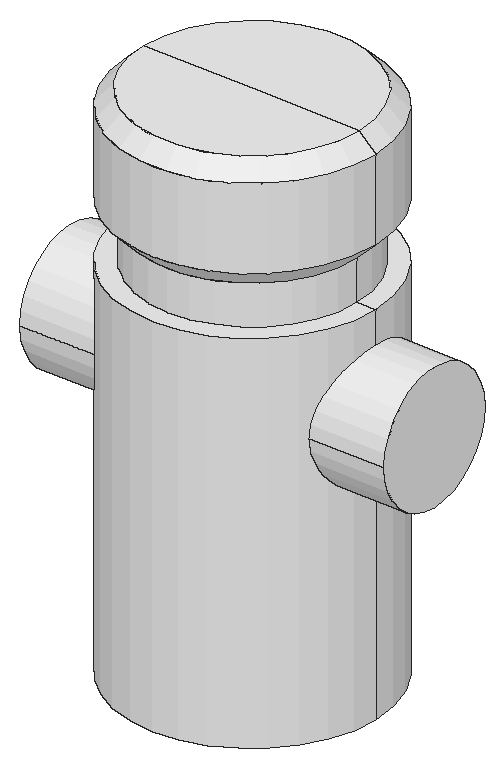
Revit family "Volume_Control-Grohe-95866000", category Pipe Accessories, Revit 2014
Parameters (values of type "95866000")
  Width = 1/2"  # constant formula
  Waste Connection = no
  Warranty Information = "Limited Lifetime Warranty"
  WFU = 4
  Vent Connection = no
  URL = "https://www.grohe.us"
  Tempered Water Connection Diameter = 1/2"
  Product Page URL = "https://www.grohe.us/en_us/volume-control-for-shower-heads-hand-showers-95866000.html"
  Price = "Prices may vary. Please consult Manufacturer Representative for most up-to-date price list."  # constant formula
  Model = "95866000"
  Material = "Metal-Grohe-000-Chrome"
  Manufacturer = "GROHE"
  IAPMO Compliance = "cUPC"
  Hot Water Connection Diameter = 1/2"
  Height = 1 1/4"  # constant formula
  HWFU = 3
  HW Connection = yes
  Flow Rate = "2.5 gpm to Trickle Flow"
  Description = "Volume Control for Shower Heads & Hand Showers"
  Default Elevation = 0"
  Creation Date = "2017/05/19"  # constant formula
  Cold Water Connection Radius = 1/4"
  Cold Water Connection Diameter = Cold Water Connection Radius * 2  # 1/2"
  CWFU = 3
  CW Connection = yes
  Assembly Code = "D2020"
Reference planes (in)
  plane 1 "Center (Front/Back)": y = 0
  plane 2: z = 0
  plane 3 "Center (Left/Right)": x = 0
  plane 4: x = -0.25
  plane 5: x = 0.25
  plane 6: z = 1.25
  plane 7: z = 0.8034
  plane 8: z = 0.50114
Forms (in)
  Revolve 1, solid, material "Metal-Grohe-000-Chrome"
    sketch origin (0, 0, 0) x (1, 0, 0) y (0, 0, 1)
      loop
        line (0, 0) -> (0, 1.25) -> (-0.25881, 1.25) -> (-0.29687, 1.21194) -> (-0.29687, 1.01832) -> (-0.25178, 0.97323) -> (-0.25178, 0.87925) -> (-0.29687, 0.87925) -> (-0.29687, 0) -> (0, 0)
      axis (0, 0) -> (0, 1.25)
    angle from 0 to 360
  Extrusion 2, solid, material "Metal-Grohe-000-Chrome"
    sketch origin (0, 0, 0) x (0, 1, 0) y (0, 0, 1)
      loop
        circle (0, 0.65391) r 0.15036
    from -0.43541 to 0.4362
Cuts and joins
  joined: Revolve 1, Extrusion 2
Dimensions and locks (in)
  "Height": level to plane 6
  "Width": plane 5 to plane 4
Automatic sketch dimensions
  Revolve 1 sketch curve to level = 0"
  Revolve 1 sketch curve to plane 6 = 0"
  Revolve 1 sketch curve to plane 3 "Center (Left/Right)" = 0"  (x2)
  plane 4 to Revolve 1 sketch curve = 0.00178"
  plane 4 to Revolve 1 sketch curve = 0.00881"
  plane 4 to Revolve 1 sketch curve = 3/64"
  Revolve 1 sketch curve to Revolve 1 sketch curve = 0.04509"  (x2)
  plane 7 to Revolve 1 sketch curve = 0.07584"
  Revolve 1 sketch curve to Revolve 1 sketch curve = 0.09398"
  Revolve 1 sketch curve to plane 6 = 0.03806"
  Revolve 1 sketch curve to Revolve 1 sketch curve = 0.3057"
  Revolve 1 sketch curve to Revolve 1 sketch curve = 0.15113"
  Extrusion 2 sketch curve to plane 1 "Center (Front/Back)" = 0"
  Extrusion 2 sketch curve to plane 7 = 0.14949"
  radius of Extrusion 2 sketch curve = 0.15036"
Connectors (in)
  piping at (0, 0, 0), diameter 0.5, driven by "Tempered Water Connection Diameter"
    settings: on cut or joined group of Revolve 1, Extrusion 2, index 1, connector inside diameter 24", connector length 0", flow factor 0, pipe flow 0 GPM, pressure drop 0.00 psi, fitting loss kfactor 0, connector angle 0.00°, fixture units 0, engagement length 0", angle of deflection 0.00°, flow configuration 0, flow direction 1, fitting loss method 0, system type 29, joint type 0, gender type 0, connector reference index 2, connector utility 0, adjustable connector no, is connector primary yes, connector description "1/2\" NPT Supply Inlet"
  piping at (0, 0, 1.25), diameter 0.5, driven by "Tempered Water Connection Diameter"
    settings: on cut or joined group of Revolve 1, Extrusion 2, index 2, connector inside diameter 24", connector length 0", flow factor 0, pipe flow 0 GPM, pressure drop 0.00 psi, fitting loss kfactor 0, connector angle 0.00°, fixture units 0, engagement length 0", angle of deflection 0.00°, flow configuration 0, flow direction 2, fitting loss method 0, system type 29, joint type 0, gender type 0, connector reference index 1, connector utility 0, adjustable connector no, is connector primary no, connector description "1/2\" NPT Supply Outlet"
